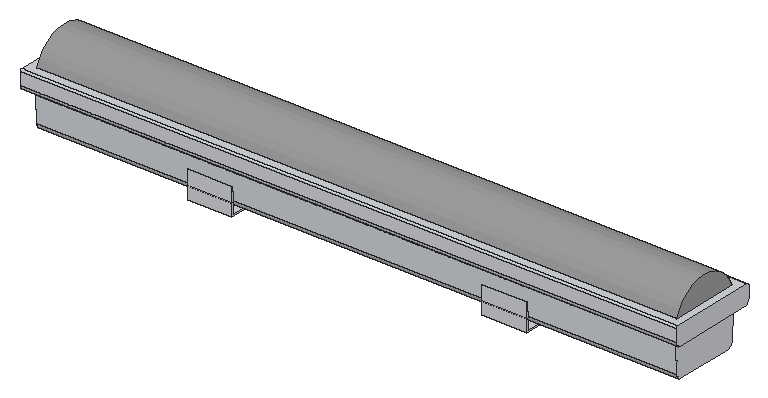
Revit family "0010202", category Lighting Fixtures, host Face, Revit 2017 (continued)
Types (60, lengths in mm): name | Weight | Wattage | TypeName | built-in parameter 1150134 | Photometric Web File | built-in parameter 1150142 | PowerFactor | PowerConsumption | NominalLength | Name | ModelReference | ModelNumber | Model | LuminousEfficacy | built-in parameter 1150105 | Lumens | LampNominalLuminous | LampMacAdamStep | LampColourTemperature | LENGHT_SYL | LENGHT_CHAMFER_SYL | LENGHT-_SYL | LENGHT-_CHAMFER_SYL | L0650_SYL | L1500_SYL | L1200_SYL | built-in parameter 1150107 | built-in parameter 1150106 | built-in parameter 1150104 | DocumentationLiterature | Description | BRACKET_WIDTH_SYL | BRACKET_DIST_SYL | Apparent Load
  0010233 RESISTO 1200 HE IP66 4800LM 840 | "1.51 kg" | 31 W | "Resisto  1200 HE IP66 4800lm 840" | 12 | "0010233.ies" | "IESNA:LM-63-2002\r\n[TEST] 0010233\r\n[TESTLAB]\r\n[MANUFAC] \r\n[LUMCAT]\r\n[LUMINAIRE] Resisto  1200 HE IP66 4800lm 8 40 /4000 \r\n[LAMP] 0010233 Resisto  1200 HE IP66 /4000\r\n[BALLAST] \r\n[ISSUEDATE]\r\n[OTHER] B-Angle = 0.00 B-Tilt = 0.00 2021-02-16\r\nTILT=NONE\r\n1 4800.00 1 37 5 1 2 0.087 1.200 0.040\r\n1.0 1.0 31.00\r\n   0.00   5.00  10.00  15.00  20.00  25.00  30.00  35.00  40.00  45.00\r\n  50.00  55.00  60.00  65.00  70.00  75.00  80.00  85.00  90.00  95.00\r\n 100.00 105.00 110.00 115.00 120.00 125.00 130.00 135.00 140.00 145.00\r\n 150.00 155.00 160.00 165.00 170.00 175.00 180.00\r\n   0.00  22.50  45.00  67.50  90.00\r\n    1585.30    1578.91    1557.22    1520.74    1469.66    1401.70    1317.94\r\n    1219.39    1109.18     989.81     864.72     736.13     606.34     476.21\r\n     348.19     224.11     111.22      27.50       4.18       4.37       4.27\r\n       4.08       4.51       4.99       5.57       6.19       6.82       7.54\r\n       8.26       9.02       9.84      10.61      11.38      12.10      12.72\r\n      13.10      13.30\r\n    1585.30    1570.46    1538.98    1498.70    1452.77    1396.03    1324.27\r\n    1241.28    1151.66    1052.98     942.19     811.20     658.03     504.43\r\n     370.46     260.59     174.00     108.24      60.86      27.89      13.54\r\n       5.33       5.57       6.00       6.48       6.91       7.34       7.92\r\n       8.54       9.31      10.03      10.75      11.47      12.14      12.58\r\n      13.01      13.30\r\n    1585.30    1561.15    1534.03    1512.67    1473.50    1439.71    1393.78\r\n    1337.04    1254.29    1125.07     948.14     769.01     616.85     494.54\r\n     396.24     315.60     248.40     191.57     144.72     104.69      70.94\r\n      43.82      23.71      11.33       8.78       8.98       9.07       9.17\r\n       9.36       9.70      10.13      10.70      11.38      12.05      12.62\r\n      12.96      13.30\r\n    1585.30    1555.73    1542.58    1520.30    1508.74    1481.04    1448.88\r\n    1376.93    1246.27    1070.35     897.55     750.29     627.46     526.90\r\n     443.95     373.97     310.37     252.43     201.26     147.98      99.12\r\n      67.34      45.65      29.04      17.09      10.80      10.61      10.42\r\n      10.32      10.32      10.46      10.80      11.33      12.00      12.62\r\n      13.06      13.30\r\n    1585.30    1554.14    1545.98    1525.30    1522.85    1497.60    1461.26\r\n    1376.26    1223.62    1048.85     887.38     750.24     635.04     542.21\r\n     463.87     396.82     332.78     271.87     213.46     153.31     104.16\r\n      75.26      53.14      36.91      24.53      15.22      12.96      12.67\r\n      12.38      12.19      12.14      12.29      12.58      13.01      13.34\r\n      13.49      13.30\r\n" | 0.95 | "31 W" | 1200 | "Resisto  1200 HE IP66 4800lm 840" | "Resisto  1200 HE IP66 4800lm 840" | "0010233" | "Resisto  1200 HE IP66 4800lm 840" | "155 lm/W" | 1587 (stored number, unit not read) | 4805 lm | "4800 lm" | "3" | "4000 K" | 592 | 600 | -592 | -600 | no | no | yes | 4000 (stored number, unit not read) | 15.87 (stored number, unit not read) | 14.4 (stored number, unit not read) | "http://www.sylvania-lighting.com/product/en-int/products/0010233" | "Resisto, integrated LED weatherproof luminaire, with UV stabilized flat diffuser designed to achieve uniform lit appearance, optimise light output and to reduce glare. 301 stainless steel diffuser clips and fixing brackets for surface mounting. Polycarbonate housing and diffuser - no yellow discolouration over time. 4800lm; 31W; 155lm/W; 4000K; SDCM<3; non dimmable; CRI80; IP66; IK08; Class I; 69,000hrs (L80B20) lifespan; 1200mm x 89mm x 88mm; D-mark." | 400 | 444 | 31 VA
  0010232 RESISTO 1200 HE IP66 2800LM 840 | "1.5 kg" | 18 W | "Resisto  1200 HE IP66 2800lm 840" | 12 | "0010232.ies" | "IESNA:LM-63-2002\r\n[TEST] 0010232\r\n[TESTLAB]\r\n[MANUFAC] \r\n[LUMCAT]\r\n[LUMINAIRE] Resisto  1200 HE IP66 2800lm 8 40 /4000 \r\n[LAMP] 0010232 Resisto  1200 HE IP66 /4000\r\n[BALLAST] \r\n[ISSUEDATE]\r\n[OTHER] B-Angle = 0.00 B-Tilt = 0.00 2021-02-16\r\nTILT=NONE\r\n1 2800.00 1 37 5 1 2 0.087 1.200 0.040\r\n1.0 1.0 18.00\r\n   0.00   5.00  10.00  15.00  20.00  25.00  30.00  35.00  40.00  45.00\r\n  50.00  55.00  60.00  65.00  70.00  75.00  80.00  85.00  90.00  95.00\r\n 100.00 105.00 110.00 115.00 120.00 125.00 130.00 135.00 140.00 145.00\r\n 150.00 155.00 160.00 165.00 170.00 175.00 180.00\r\n   0.00  22.50  45.00  67.50  90.00\r\n     920.25     916.16     903.39     881.58     851.51     811.86     762.22\r\n     704.59     640.53     571.26     498.57     424.09     349.02     273.95\r\n     200.48     129.08      64.18      16.44       2.49       2.46       2.55\r\n       2.35       2.52       2.80       3.14       3.47       3.84       4.26\r\n       4.68       5.12       5.60       6.05       6.50       6.92       7.25\r\n       7.48       7.62\r\n     920.25     914.98     897.79     871.81     841.74     808.05     766.30\r\n     716.74     662.82     605.22     542.33     469.95     385.36     297.58\r\n     218.79     153.41     101.86      62.69      34.80      15.71       7.48\r\n       2.97       3.14       3.39       3.67       3.92       4.20       4.54\r\n       4.93       5.35       5.77       6.19       6.61       6.97       7.25\r\n       7.48       7.62\r\n     920.25     910.73     890.32     876.46     854.70     830.14     805.45\r\n     771.12     727.55     658.70     561.04     455.90     364.20     290.72\r\n     232.06     184.27     144.65     111.30      83.92      60.73      41.41\r\n      25.65      13.89       6.47       4.98       5.10       5.15       5.21\r\n       5.32       5.52       5.77       6.10       6.50       6.89       7.22\r\n       7.45       7.62\r\n     920.25     907.14     893.34     883.18     871.08     858.73     838.96\r\n     802.51     735.45     635.46     532.84     443.74     370.30     309.90\r\n     260.18     218.51     181.36     147.64     118.24      88.48      59.44\r\n      40.32      27.13      17.16       9.97       6.16       6.05       5.96\r\n       5.91       5.94       5.99       6.19       6.50       6.92       7.28\r\n       7.53       7.62\r\n     920.25     906.22     895.47     885.05     880.82     867.13     850.36\r\n     806.85     725.45     623.59     526.46     444.02     375.09     319.23\r\n     272.75     233.07     196.00     160.72     127.26      92.93      62.80\r\n      45.22      31.75      22.06      14.62       8.99       7.48       7.28\r\n       7.11       7.00       6.97       7.06       7.22       7.48       7.67\r\n       7.73       7.62\r\n" | 0.95 | "18 W" | 1200 | "Resisto  1200 HE IP66 2800lm 840" | "Resisto  1200 HE IP66 2800lm 840" | "0010232" | "Resisto  1200 HE IP66 2800lm 840" | "156 lm/W" | 922.88 (stored number, unit not read) | 2808 lm | "2800 lm" | "3" | "4000 K" | 592 | 600 | -592 | -600 | no | no | yes | 4000 (stored number, unit not read) | 9.2288 (stored number, unit not read) | 14.493 (stored number, unit not read) | "http://www.sylvania-lighting.com/product/en-int/products/0010232" | "Resisto, integrated LED weatherproof luminaire, with UV stabilized flat diffuser designed to achieve uniform lit appearance, optimise light output and to reduce glare. 301 stainless steel diffuser clips and fixing brackets for surface mounting. Polycarbonate housing and diffuser - no yellow discolouration over time. 2800lm; 18W; 156lm/W; 4000K; SDCM<3; non dimmable; CRI80; IP66; IK08; Class I; 69,000hrs (L80B20) lifespan; 1200mm x 89mm x 88mm; D-mark." | 400 | 444 | 18 VA
  0010225 RESISTO 1200 IP66 DALI 4800LM 840 | "1.62 kg" | 35 W | "Resisto  1200 IP66 DALI 4800lm 840" | 12 | "0010225.ies" | "IESNA:LM-63-2002\r\n[TEST] 0010225\r\n[TESTLAB]\r\n[MANUFAC] \r\n[LUMCAT]\r\n[LUMINAIRE] Resisto  1200 IP66 DALI 4800lm  840 /4000 \r\n[LAMP] 0010225 Resisto  1200 IP66 DAL/4000\r\n[BALLAST] \r\n[ISSUEDATE]\r\n[OTHER] B-Angle = 0.00 B-Tilt = 0.00 2021-02-16\r\nTILT=NONE\r\n1 4800.00 1 37 5 1 2 0.087 1.200 0.040\r\n1.0 1.0 35.00\r\n   0.00   5.00  10.00  15.00  20.00  25.00  30.00  35.00  40.00  45.00\r\n  50.00  55.00  60.00  65.00  70.00  75.00  80.00  85.00  90.00  95.00\r\n 100.00 105.00 110.00 115.00 120.00 125.00 130.00 135.00 140.00 145.00\r\n 150.00 155.00 160.00 165.00 170.00 175.00 180.00\r\n   0.00  22.50  45.00  67.50  90.00\r\n    1585.30    1578.91    1557.22    1520.74    1469.66    1401.70    1317.94\r\n    1219.39    1109.18     989.81     864.72     736.13     606.34     476.21\r\n     348.19     224.11     111.22      27.50       4.18       4.37       4.27\r\n       4.08       4.51       4.99       5.57       6.19       6.82       7.54\r\n       8.26       9.02       9.84      10.61      11.38      12.10      12.72\r\n      13.10      13.30\r\n    1585.30    1570.46    1538.98    1498.70    1452.77    1396.03    1324.27\r\n    1241.28    1151.66    1052.98     942.19     811.20     658.03     504.43\r\n     370.46     260.59     174.00     108.24      60.86      27.89      13.54\r\n       5.33       5.57       6.00       6.48       6.91       7.34       7.92\r\n       8.54       9.31      10.03      10.75      11.47      12.14      12.58\r\n      13.01      13.30\r\n    1585.30    1561.15    1534.03    1512.67    1473.50    1439.71    1393.78\r\n    1337.04    1254.29    1125.07     948.14     769.01     616.85     494.54\r\n     396.24     315.60     248.40     191.57     144.72     104.69      70.94\r\n      43.82      23.71      11.33       8.78       8.98       9.07       9.17\r\n       9.36       9.70      10.13      10.70      11.38      12.05      12.62\r\n      12.96      13.30\r\n    1585.30    1555.73    1542.58    1520.30    1508.74    1481.04    1448.88\r\n    1376.93    1246.27    1070.35     897.55     750.29     627.46     526.90\r\n     443.95     373.97     310.37     252.43     201.26     147.98      99.12\r\n      67.34      45.65      29.04      17.09      10.80      10.61      10.42\r\n      10.32      10.32      10.46      10.80      11.33      12.00      12.62\r\n      13.06      13.30\r\n    1585.30    1554.14    1545.98    1525.30    1522.85    1497.60    1461.26\r\n    1376.26    1223.62    1048.85     887.38     750.24     635.04     542.21\r\n     463.87     396.82     332.78     271.87     213.46     153.31     104.16\r\n      75.26      53.14      36.91      24.53      15.22      12.96      12.67\r\n      12.38      12.19      12.14      12.29      12.58      13.01      13.34\r\n      13.49      13.30\r\n" | 0.98 | "35 W" | 1200 | "Resisto  1200 IP66 DALI 4800lm 840" | "Resisto  1200 IP66 DALI 4800lm 840" | "0010225" | "Resisto  1200 IP66 DALI 4800lm 840" | "137 lm/W" | 1583.6 (stored number, unit not read) | 4795 lm | "4800 lm" | "5" | "4000 K" | 592 | 600 | -592 | -600 | no | no | yes | 4000 (stored number, unit not read) | 15.836 (stored number, unit not read) | 12.728 (stored number, unit not read) | "http://www.sylvania-lighting.com/product/en-int/products/0010225" | "Resisto, integrated LED weatherproof luminaire, with UV stabilized flat diffuser designed to achieve uniform lit appearance, optimise light output and to reduce glare. 301 stainless steel diffuser clips and fixing brackets for surface mounting. Polycarbonate housing and diffuser - no yellow discolouration over time. 4800lm; 35W; 137lm/W; 4000K; SDCM<5; DALI dimmable; CRI80; IP66; IK08; Class I; 69,000hrs (L80B20) lifespan; 1200mm x 89mm x 88mm; D-mark." | 400 | 444 | 35 VA
  0010224 RESISTO 1200 IP66 DALI 2800LM 840 | "1.59 kg" | 21 W | "Resisto  1200 IP66 DALI 2800lm 840" | 12 | "0010224.ies" | "IESNA:LM-63-2002\r\n[TEST] 0010224\r\n[TESTLAB]\r\n[MANUFAC] \r\n[LUMCAT]\r\n[LUMINAIRE] Resisto  1200 IP66 DALI 2800lm  840 /4000 \r\n[LAMP] 0010224 Resisto  1200 IP66 DAL/4000\r\n[BALLAST] \r\n[ISSUEDATE]\r\n[OTHER] B-Angle = 0.00 B-Tilt = 0.00 2021-02-16\r\nTILT=NONE\r\n1 2800.00 1 37 5 1 2 0.087 1.200 0.040\r\n1.0 1.0 21.00\r\n   0.00   5.00  10.00  15.00  20.00  25.00  30.00  35.00  40.00  45.00\r\n  50.00  55.00  60.00  65.00  70.00  75.00  80.00  85.00  90.00  95.00\r\n 100.00 105.00 110.00 115.00 120.00 125.00 130.00 135.00 140.00 145.00\r\n 150.00 155.00 160.00 165.00 170.00 175.00 180.00\r\n   0.00  22.50  45.00  67.50  90.00\r\n     920.25     916.16     903.39     881.58     851.51     811.86     762.22\r\n     704.59     640.53     571.26     498.57     424.09     349.02     273.95\r\n     200.48     129.08      64.18      16.44       2.49       2.46       2.55\r\n       2.35       2.52       2.80       3.14       3.47       3.84       4.26\r\n       4.68       5.12       5.60       6.05       6.50       6.92       7.25\r\n       7.48       7.62\r\n     920.25     914.98     897.79     871.81     841.74     808.05     766.30\r\n     716.74     662.82     605.22     542.33     469.95     385.36     297.58\r\n     218.79     153.41     101.86      62.69      34.80      15.71       7.48\r\n       2.97       3.14       3.39       3.67       3.92       4.20       4.54\r\n       4.93       5.35       5.77       6.19       6.61       6.97       7.25\r\n       7.48       7.62\r\n     920.25     910.73     890.32     876.46     854.70     830.14     805.45\r\n     771.12     727.55     658.70     561.04     455.90     364.20     290.72\r\n     232.06     184.27     144.65     111.30      83.92      60.73      41.41\r\n      25.65      13.89       6.47       4.98       5.10       5.15       5.21\r\n       5.32       5.52       5.77       6.10       6.50       6.89       7.22\r\n       7.45       7.62\r\n     920.25     907.14     893.34     883.18     871.08     858.73     838.96\r\n     802.51     735.45     635.46     532.84     443.74     370.30     309.90\r\n     260.18     218.51     181.36     147.64     118.24      88.48      59.44\r\n      40.32      27.13      17.16       9.97       6.16       6.05       5.96\r\n       5.91       5.94       5.99       6.19       6.50       6.92       7.28\r\n       7.53       7.62\r\n     920.25     906.22     895.47     885.05     880.82     867.13     850.36\r\n     806.85     725.45     623.59     526.46     444.02     375.09     319.23\r\n     272.75     233.07     196.00     160.72     127.26      92.93      62.80\r\n      45.22      31.75      22.06      14.62       8.99       7.48       7.28\r\n       7.11       7.00       6.97       7.06       7.22       7.48       7.67\r\n       7.73       7.62\r\n" | 0.98 | "21 W" | 1200 | "Resisto  1200 IP66 DALI 2800lm 840" | "Resisto  1200 IP66 DALI 2800lm 840" | "0010224" | "Resisto  1200 IP66 DALI 2800lm 840" | "133 lm/W" | 917.95 (stored number, unit not read) | 2793 lm | "2800 lm" | "5" | "4000 K" | 592 | 600 | -592 | -600 | no | no | yes | 4000 (stored number, unit not read) | 9.1795 (stored number, unit not read) | 12.356 (stored number, unit not read) | "http://www.sylvania-lighting.com/product/en-int/products/0010224" | "Resisto, integrated LED weatherproof luminaire, with UV stabilized flat diffuser designed to achieve uniform lit appearance, optimise light output and to reduce glare. 301 stainless steel diffuser clips and fixing brackets for surface mounting. Polycarbonate housing and diffuser - no yellow discolouration over time. 2800lm; 21W; 133lm/W; 4000K; SDCM<5; DALI dimmable; CRI80; IP66; IK08; Class I; 69,000hrs (L80B20) lifespan; 1200mm x 89mm x 88mm; D-mark." | 400 | 444 | 21 VA
  0010223 RESISTO 1200 IP66 MWCOR 4800LM 840 | "1.72 kg" | 35 W | "Resisto  1200 IP66 MWcor 4800lm 840" | 12 | "0010223.ies" | "IESNA:LM-63-2002\r\n[TEST] 0010223\r\n[TESTLAB]\r\n[MANUFAC] \r\n[LUMCAT]\r\n[LUMINAIRE] Resisto  1200 IP66 MWcor 4800l m 840 /4000 \r\n[LAMP] 0010223 Resisto  1200 IP66 MWc/4000\r\n[BALLAST] \r\n[ISSUEDATE]\r\n[OTHER] B-Angle = 0.00 B-Tilt = 0.00 2021-02-16\r\nTILT=NONE\r\n1 4800.00 1 37 5 1 2 0.087 1.200 0.040\r\n1.0 1.0 35.00\r\n   0.00   5.00  10.00  15.00  20.00  25.00  30.00  35.00  40.00  45.00\r\n  50.00  55.00  60.00  65.00  70.00  75.00  80.00  85.00  90.00  95.00\r\n 100.00 105.00 110.00 115.00 120.00 125.00 130.00 135.00 140.00 145.00\r\n 150.00 155.00 160.00 165.00 170.00 175.00 180.00\r\n   0.00  22.50  45.00  67.50  90.00\r\n    1585.30    1578.91    1557.22    1520.74    1469.66    1401.70    1317.94\r\n    1219.39    1109.18     989.81     864.72     736.13     606.34     476.21\r\n     348.19     224.11     111.22      27.50       4.18       4.37       4.27\r\n       4.08       4.51       4.99       5.57       6.19       6.82       7.54\r\n       8.26       9.02       9.84      10.61      11.38      12.10      12.72\r\n      13.10      13.30\r\n    1585.30    1570.46    1538.98    1498.70    1452.77    1396.03    1324.27\r\n    1241.28    1151.66    1052.98     942.19     811.20     658.03     504.43\r\n     370.46     260.59     174.00     108.24      60.86      27.89      13.54\r\n       5.33       5.57       6.00       6.48       6.91       7.34       7.92\r\n       8.54       9.31      10.03      10.75      11.47      12.14      12.58\r\n      13.01      13.30\r\n    1585.30    1561.15    1534.03    1512.67    1473.50    1439.71    1393.78\r\n    1337.04    1254.29    1125.07     948.14     769.01     616.85     494.54\r\n     396.24     315.60     248.40     191.57     144.72     104.69      70.94\r\n      43.82      23.71      11.33       8.78       8.98       9.07       9.17\r\n       9.36       9.70      10.13      10.70      11.38      12.05      12.62\r\n      12.96      13.30\r\n    1585.30    1555.73    1542.58    1520.30    1508.74    1481.04    1448.88\r\n    1376.93    1246.27    1070.35     897.55     750.29     627.46     526.90\r\n     443.95     373.97     310.37     252.43     201.26     147.98      99.12\r\n      67.34      45.65      29.04      17.09      10.80      10.61      10.42\r\n      10.32      10.32      10.46      10.80      11.33      12.00      12.62\r\n      13.06      13.30\r\n    1585.30    1554.14    1545.98    1525.30    1522.85    1497.60    1461.26\r\n    1376.26    1223.62    1048.85     887.38     750.24     635.04     542.21\r\n     463.87     396.82     332.78     271.87     213.46     153.31     104.16\r\n      75.26      53.14      36.91      24.53      15.22      12.96      12.67\r\n      12.38      12.19      12.14      12.29      12.58      13.01      13.34\r\n      13.49      13.30\r\n" | 0.98 | "35 W" | 1200 | "Resisto  1200 IP66 MWcor 4800lm 840" | "Resisto  1200 IP66 MWcor 4800lm 840" | "0010223" | "Resisto  1200 IP66 MWcor 4800lm 840" | "137 lm/W" | 1583.6 (stored number, unit not read) | 4795 lm | "4800 lm" | "5" | "4000 K" | 592 | 600 | -592 | -600 | no | no | yes | 4000 (stored number, unit not read) | 15.836 (stored number, unit not read) | 12.728 (stored number, unit not read) | "http://www.sylvania-lighting.com/product/en-int/products/0010223" | "Resisto, integrated LED weatherproof luminaire, with UV stabilized flat diffuser designed to achieve uniform lit appearance, optimise light output and to reduce glare. 301 stainless steel diffuser clips and fixing brackets for surface mounting. Polycarbonate housing and diffuser - no yellow discolouration over time. 4800lm; 35W; 137lm/W; 4000K; SDCM<5; non dimmable; CRI80; IP66; IK08; Class I; 69,000hrs (L80B20) lifespan; 1200mm x 89mm x 88mm; D-mark; corridor function with microwave presence sensor." | 400 | 444 | 35 VA
  0010222 RESISTO 1200 IP66 MWCOR 2800LM 840 | "1.64 kg" | 21 W | "Resisto  1200 IP66 MWcor 2800lm 840" | 12 | "0010222.ies" | "IESNA:LM-63-2002\r\n[TEST] 0010222\r\n[TESTLAB]\r\n[MANUFAC] \r\n[LUMCAT]\r\n[LUMINAIRE] Resisto  1200 IP66 MWcor 2800l m 840 /4000 \r\n[LAMP] 0010222 Resisto  1200 IP66 MWc/4000\r\n[BALLAST] \r\n[ISSUEDATE]\r\n[OTHER] B-Angle = 0.00 B-Tilt = 0.00 2021-02-16\r\nTILT=NONE\r\n1 2800.00 1 37 5 1 2 0.087 1.200 0.040\r\n1.0 1.0 21.00\r\n   0.00   5.00  10.00  15.00  20.00  25.00  30.00  35.00  40.00  45.00\r\n  50.00  55.00  60.00  65.00  70.00  75.00  80.00  85.00  90.00  95.00\r\n 100.00 105.00 110.00 115.00 120.00 125.00 130.00 135.00 140.00 145.00\r\n 150.00 155.00 160.00 165.00 170.00 175.00 180.00\r\n   0.00  22.50  45.00  67.50  90.00\r\n     920.25     916.16     903.39     881.58     851.51     811.86     762.22\r\n     704.59     640.53     571.26     498.57     424.09     349.02     273.95\r\n     200.48     129.08      64.18      16.44       2.49       2.46       2.55\r\n       2.35       2.52       2.80       3.14       3.47       3.84       4.26\r\n       4.68       5.12       5.60       6.05       6.50       6.92       7.25\r\n       7.48       7.62\r\n     920.25     914.98     897.79     871.81     841.74     808.05     766.30\r\n     716.74     662.82     605.22     542.33     469.95     385.36     297.58\r\n     218.79     153.41     101.86      62.69      34.80      15.71       7.48\r\n       2.97       3.14       3.39       3.67       3.92       4.20       4.54\r\n       4.93       5.35       5.77       6.19       6.61       6.97       7.25\r\n       7.48       7.62\r\n     920.25     910.73     890.32     876.46     854.70     830.14     805.45\r\n     771.12     727.55     658.70     561.04     455.90     364.20     290.72\r\n     232.06     184.27     144.65     111.30      83.92      60.73      41.41\r\n      25.65      13.89       6.47       4.98       5.10       5.15       5.21\r\n       5.32       5.52       5.77       6.10       6.50       6.89       7.22\r\n       7.45       7.62\r\n     920.25     907.14     893.34     883.18     871.08     858.73     838.96\r\n     802.51     735.45     635.46     532.84     443.74     370.30     309.90\r\n     260.18     218.51     181.36     147.64     118.24      88.48      59.44\r\n      40.32      27.13      17.16       9.97       6.16       6.05       5.96\r\n       5.91       5.94       5.99       6.19       6.50       6.92       7.28\r\n       7.53       7.62\r\n     920.25     906.22     895.47     885.05     880.82     867.13     850.36\r\n     806.85     725.45     623.59     526.46     444.02     375.09     319.23\r\n     272.75     233.07     196.00     160.72     127.26      92.93      62.80\r\n      45.22      31.75      22.06      14.62       8.99       7.48       7.28\r\n       7.11       7.00       6.97       7.06       7.22       7.48       7.67\r\n       7.73       7.62\r\n" | 0.98 | "21 W" | 1200 | "Resisto  1200 IP66 MWcor 2800lm 840" | "Resisto  1200 IP66 MWcor 2800lm 840" | "0010222" | "Resisto  1200 IP66 MWcor 2800lm 840" | "133 lm/W" | 917.95 (stored number, unit not read) | 2793 lm | "2800 lm" | "5" | "4000 K" | 592 | 600 | -592 | -600 | no | no | yes | 4000 (stored number, unit not read) | 9.1795 (stored number, unit not read) | 12.356 (stored number, unit not read) | "http://www.sylvania-lighting.com/product/en-int/products/0010222" | "Resisto, integrated LED weatherproof luminaire, with UV stabilized flat diffuser designed to achieve uniform lit appearance, optimise light output and to reduce glare. 301 stainless steel diffuser clips and fixing brackets for surface mounting. Polycarbonate housing and diffuser - no yellow discolouration over time. 2800lm; 21W; 133lm/W; 4000K; SDCM<5; non dimmable; CRI80; IP66; IK08; Class I; 69,000hrs (L80B20) lifespan; 1200mm x 89mm x 88mm; D-mark; corridor function with microwave presence sensor." | 400 | 444 | 21 VA
  0010221 RESISTO 1200 IP66 MW 4800LM 840 | "1.59 kg" | 35 W | "Resisto  1200 IP66 MW 4800lm 840" | 12 | "0010221.ies" | "IESNA:LM-63-2002\r\n[TEST] 0010221\r\n[TESTLAB]\r\n[MANUFAC] \r\n[LUMCAT]\r\n[LUMINAIRE] Resisto  1200 IP66 MW 4800lm 8 40 /4000 \r\n[LAMP] 0010221 Resisto  1200 IP66 MW /4000\r\n[BALLAST] \r\n[ISSUEDATE]\r\n[OTHER] B-Angle = 0.00 B-Tilt = 0.00 2021-02-16\r\nTILT=NONE\r\n1 4800.00 1 37 5 1 2 0.087 1.200 0.040\r\n1.0 1.0 35.00\r\n   0.00   5.00  10.00  15.00  20.00  25.00  30.00  35.00  40.00  45.00\r\n  50.00  55.00  60.00  65.00  70.00  75.00  80.00  85.00  90.00  95.00\r\n 100.00 105.00 110.00 115.00 120.00 125.00 130.00 135.00 140.00 145.00\r\n 150.00 155.00 160.00 165.00 170.00 175.00 180.00\r\n   0.00  22.50  45.00  67.50  90.00\r\n    1585.30    1578.91    1557.22    1520.74    1469.66    1401.70    1317.94\r\n    1219.39    1109.18     989.81     864.72     736.13     606.34     476.21\r\n     348.19     224.11     111.22      27.50       4.18       4.37       4.27\r\n       4.08       4.51       4.99       5.57       6.19       6.82       7.54\r\n       8.26       9.02       9.84      10.61      11.38      12.10      12.72\r\n      13.10      13.30\r\n    1585.30    1570.46    1538.98    1498.70    1452.77    1396.03    1324.27\r\n    1241.28    1151.66    1052.98     942.19     811.20     658.03     504.43\r\n     370.46     260.59     174.00     108.24      60.86      27.89      13.54\r\n       5.33       5.57       6.00       6.48       6.91       7.34       7.92\r\n       8.54       9.31      10.03      10.75      11.47      12.14      12.58\r\n      13.01      13.30\r\n    1585.30    1561.15    1534.03    1512.67    1473.50    1439.71    1393.78\r\n    1337.04    1254.29    1125.07     948.14     769.01     616.85     494.54\r\n     396.24     315.60     248.40     191.57     144.72     104.69      70.94\r\n      43.82      23.71      11.33       8.78       8.98       9.07       9.17\r\n       9.36       9.70      10.13      10.70      11.38      12.05      12.62\r\n      12.96      13.30\r\n    1585.30    1555.73    1542.58    1520.30    1508.74    1481.04    1448.88\r\n    1376.93    1246.27    1070.35     897.55     750.29     627.46     526.90\r\n     443.95     373.97     310.37     252.43     201.26     147.98      99.12\r\n      67.34      45.65      29.04      17.09      10.80      10.61      10.42\r\n      10.32      10.32      10.46      10.80      11.33      12.00      12.62\r\n      13.06      13.30\r\n    1585.30    1554.14    1545.98    1525.30    1522.85    1497.60    1461.26\r\n    1376.26    1223.62    1048.85     887.38     750.24     635.04     542.21\r\n     463.87     396.82     332.78     271.87     213.46     153.31     104.16\r\n      75.26      53.14      36.91      24.53      15.22      12.96      12.67\r\n      12.38      12.19      12.14      12.29      12.58      13.01      13.34\r\n      13.49      13.30\r\n" | 0.95 | "35 W" | 1200 | "Resisto  1200 IP66 MW 4800lm 840" | "Resisto  1200 IP66 MW 4800lm 840" | "0010221" | "Resisto  1200 IP66 MW 4800lm 840" | "137 lm/W" | 1583.6 (stored number, unit not read) | 4795 lm | "4800 lm" | "5" | "4000 K" | 592 | 600 | -592 | -600 | no | no | yes | 4000 (stored number, unit not read) | 15.836 (stored number, unit not read) | 12.728 (stored number, unit not read) | "http://www.sylvania-lighting.com/product/en-int/products/0010221" | "Resisto, integrated LED weatherproof luminaire, with UV stabilized flat diffuser designed to achieve uniform lit appearance, optimise light output and to reduce glare. 301 stainless steel diffuser clips and fixing brackets for surface mounting. Polycarbonate housing and diffuser - no yellow discolouration over time. 4800lm; 35W; 137lm/W; 4000K; SDCM<5; non dimmable; CRI80; IP66; IK08; Class I; 69,000hrs (L80B20) lifespan; 1200mm x 89mm x 88mm; D-mark; MW On/Off." | 400 | 444 | 35 VA
  0010220 RESISTO 1200 IP66 MW 2800LM 840 | "1.55 kg" | 21 W | "Resisto  1200 IP66 MW 2800lm 840" | 12 | "0010220.ies" | "IESNA:LM-63-2002\r\n[TEST] 0010220\r\n[TESTLAB]\r\n[MANUFAC] \r\n[LUMCAT]\r\n[LUMINAIRE] Resisto  1200 IP66 MW 2800lm 8 40 /4000 \r\n[LAMP] 0010220 Resisto  1200 IP66 MW /4000\r\n[BALLAST] \r\n[ISSUEDATE]\r\n[OTHER] B-Angle = 0.00 B-Tilt = 0.00 2021-02-16\r\nTILT=NONE\r\n1 2800.00 1 37 5 1 2 0.087 1.200 0.040\r\n1.0 1.0 21.00\r\n   0.00   5.00  10.00  15.00  20.00  25.00  30.00  35.00  40.00  45.00\r\n  50.00  55.00  60.00  65.00  70.00  75.00  80.00  85.00  90.00  95.00\r\n 100.00 105.00 110.00 115.00 120.00 125.00 130.00 135.00 140.00 145.00\r\n 150.00 155.00 160.00 165.00 170.00 175.00 180.00\r\n   0.00  22.50  45.00  67.50  90.00\r\n     920.25     916.16     903.39     881.58     851.51     811.86     762.22\r\n     704.59     640.53     571.26     498.57     424.09     349.02     273.95\r\n     200.48     129.08      64.18      16.44       2.49       2.46       2.55\r\n       2.35       2.52       2.80       3.14       3.47       3.84       4.26\r\n       4.68       5.12       5.60       6.05       6.50       6.92       7.25\r\n       7.48       7.62\r\n     920.25     914.98     897.79     871.81     841.74     808.05     766.30\r\n     716.74     662.82     605.22     542.33     469.95     385.36     297.58\r\n     218.79     153.41     101.86      62.69      34.80      15.71       7.48\r\n       2.97       3.14       3.39       3.67       3.92       4.20       4.54\r\n       4.93       5.35       5.77       6.19       6.61       6.97       7.25\r\n       7.48       7.62\r\n     920.25     910.73     890.32     876.46     854.70     830.14     805.45\r\n     771.12     727.55     658.70     561.04     455.90     364.20     290.72\r\n     232.06     184.27     144.65     111.30      83.92      60.73      41.41\r\n      25.65      13.89       6.47       4.98       5.10       5.15       5.21\r\n       5.32       5.52       5.77       6.10       6.50       6.89       7.22\r\n       7.45       7.62\r\n     920.25     907.14     893.34     883.18     871.08     858.73     838.96\r\n     802.51     735.45     635.46     532.84     443.74     370.30     309.90\r\n     260.18     218.51     181.36     147.64     118.24      88.48      59.44\r\n      40.32      27.13      17.16       9.97       6.16       6.05       5.96\r\n       5.91       5.94       5.99       6.19       6.50       6.92       7.28\r\n       7.53       7.62\r\n     920.25     906.22     895.47     885.05     880.82     867.13     850.36\r\n     806.85     725.45     623.59     526.46     444.02     375.09     319.23\r\n     272.75     233.07     196.00     160.72     127.26      92.93      62.80\r\n      45.22      31.75      22.06      14.62       8.99       7.48       7.28\r\n       7.11       7.00       6.97       7.06       7.22       7.48       7.67\r\n       7.73       7.62\r\n" | 0.95 | "21 W" | 1200 | "Resisto  1200 IP66 MW 2800lm 840" | "Resisto  1200 IP66 MW 2800lm 840" | "0010220" | "Resisto  1200 IP66 MW 2800lm 840" | "133 lm/W" | 917.95 (stored number, unit not read) | 2793 lm | "2800 lm" | "5" | "4000 K" | 592 | 600 | -592 | -600 | no | no | yes | 4000 (stored number, unit not read) | 9.1795 (stored number, unit not read) | 12.356 (stored number, unit not read) | "http://www.sylvania-lighting.com/product/en-int/products/0010220" | "Resisto, integrated LED weatherproof luminaire, with UV stabilized flat diffuser designed to achieve uniform lit appearance, optimise light output and to reduce glare. 301 stainless steel diffuser clips and fixing brackets for surface mounting. Polycarbonate housing and diffuser - no yellow discolouration over time. 2800lm; 21W; 133lm/W; 4000K; SDCM<5; non dimmable; CRI80; IP66; IK08; Class I; 69,000hrs (L80B20) lifespan; 1200mm x 89mm x 88mm; D-mark; MW On/Off." | 400 | 444 | 21 VA
  0010219 RESISTO 1200 IP66 4800LM 840 EM | "2.16 kg" | 39 W | "Resisto  1200 IP66 4800lm 840 EM" | 12 | "0010219.ies" | "IESNA:LM-63-2002\r\n[TEST] 0010219\r\n[TESTLAB]\r\n[MANUFAC] \r\n[LUMCAT]\r\n[LUMINAIRE] Resisto  1200 IP66 4800lm 840  EM /4000 \r\n[LAMP] 0010219 Resisto  1200 IP66 480/4000\r\n[BALLAST] \r\n[ISSUEDATE]\r\n[OTHER] B-Angle = 0.00 B-Tilt = 0.00 2021-02-16\r\nTILT=NONE\r\n1 4800.00 1 37 5 1 2 0.087 1.200 0.040\r\n1.0 1.0 39.00\r\n   0.00   5.00  10.00  15.00  20.00  25.00  30.00  35.00  40.00  45.00\r\n  50.00  55.00  60.00  65.00  70.00  75.00  80.00  85.00  90.00  95.00\r\n 100.00 105.00 110.00 115.00 120.00 125.00 130.00 135.00 140.00 145.00\r\n 150.00 155.00 160.00 165.00 170.00 175.00 180.00\r\n   0.00  22.50  45.00  67.50  90.00\r\n    1585.30    1578.91    1557.22    1520.74    1469.66    1401.70    1317.94\r\n    1219.39    1109.18     989.81     864.72     736.13     606.34     476.21\r\n     348.19     224.11     111.22      27.50       4.18       4.37       4.27\r\n       4.08       4.51       4.99       5.57       6.19       6.82       7.54\r\n       8.26       9.02       9.84      10.61      11.38      12.10      12.72\r\n      13.10      13.30\r\n    1585.30    1570.46    1538.98    1498.70    1452.77    1396.03    1324.27\r\n    1241.28    1151.66    1052.98     942.19     811.20     658.03     504.43\r\n     370.46     260.59     174.00     108.24      60.86      27.89      13.54\r\n       5.33       5.57       6.00       6.48       6.91       7.34       7.92\r\n       8.54       9.31      10.03      10.75      11.47      12.14      12.58\r\n      13.01      13.30\r\n    1585.30    1561.15    1534.03    1512.67    1473.50    1439.71    1393.78\r\n    1337.04    1254.29    1125.07     948.14     769.01     616.85     494.54\r\n     396.24     315.60     248.40     191.57     144.72     104.69      70.94\r\n      43.82      23.71      11.33       8.78       8.98       9.07       9.17\r\n       9.36       9.70      10.13      10.70      11.38      12.05      12.62\r\n      12.96      13.30\r\n    1585.30    1555.73    1542.58    1520.30    1508.74    1481.04    1448.88\r\n    1376.93    1246.27    1070.35     897.55     750.29     627.46     526.90\r\n     443.95     373.97     310.37     252.43     201.26     147.98      99.12\r\n      67.34      45.65      29.04      17.09      10.80      10.61      10.42\r\n      10.32      10.32      10.46      10.80      11.33      12.00      12.62\r\n      13.06      13.30\r\n    1585.30    1554.14    1545.98    1525.30    1522.85    1497.60    1461.26\r\n    1376.26    1223.62    1048.85     887.38     750.24     635.04     542.21\r\n     463.87     396.82     332.78     271.87     213.46     153.31     104.16\r\n      75.26      53.14      36.91      24.53      15.22      12.96      12.67\r\n      12.38      12.19      12.14      12.29      12.58      13.01      13.34\r\n      13.49      13.30\r\n" | 0.95 | "39 W" | 1200 | "Resisto  1200 IP66 4800lm 840 EM" | "Resisto  1200 IP66 4800lm 840 EM" | "0010219" | "Resisto  1200 IP66 4800lm 840 EM" | "123 lm/W" | 1584.3 (stored number, unit not read) | 4797 lm | "4800 lm" | "5" | "4000 K" | 592 | 600 | -592 | -600 | no | no | yes | 4000 (stored number, unit not read) | 15.843 (stored number, unit not read) | 11.427 (stored number, unit not read) | "http://www.sylvania-lighting.com/product/en-int/products/0010219" | "Resisto, integrated LED weatherproof luminaire, with UV stabilized flat diffuser designed to achieve uniform lit appearance, optimise light output and to reduce glare. 301 stainless steel diffuser clips and fixing brackets for surface mounting. Polycarbonate housing and diffuser - no yellow discolouration over time. 4800lm; 39W; 123lm/W; 4000K; SDCM<5; non dimmable; CRI80; IP66; IK08; Class I; 69,000hrs (L80B20) lifespan; 1200mm x 89mm x 88mm; D-mark; 3-hour maintained emergency batteries." | 400 | 444 | 39 VA
